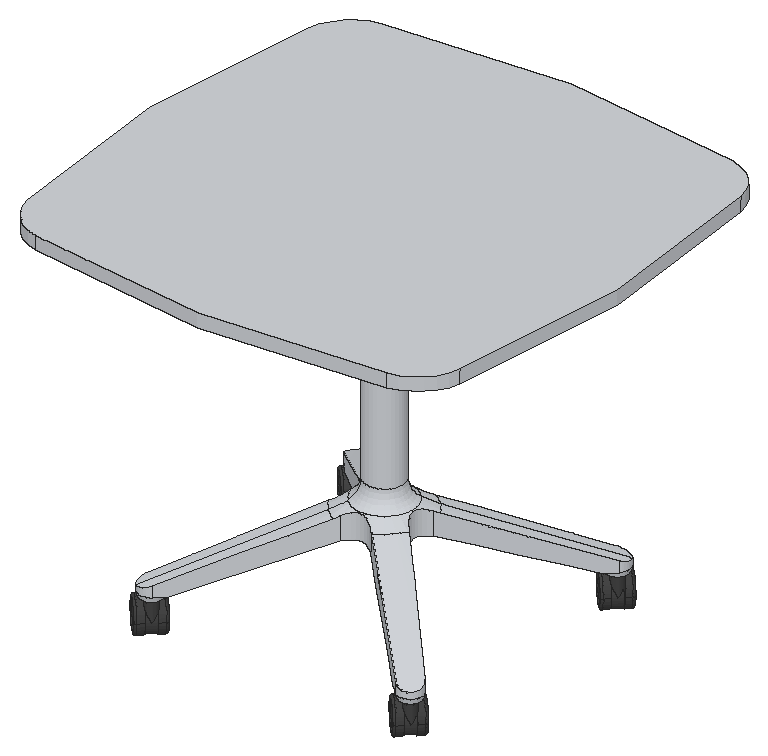
Revit family "Bernhardt_Design-Tables-Conference-Playbook_4star", category Furniture, Revit 2016
Family settings
  OmniClass Number = 23.40.20.00
  OmniClass Title = General Furniture and Specialties
  Work Plane-Based = No
  Always vertical = Yes
  Cut with Voids When Loaded = No
  Shared = No
  Room Calculation Point = No
Parameters (values of type "Playbook - 4-star mobile 36" arched square 29.5" conference height")
  height_tabletop = 28.512"
  URL = "http://www.bernhardtdesign.com"
  Tabletop finish [instance] = none
  Table type = det_tabletop : arched square 36"
  SKU = "PKS-BAA-4M"
  Casters = none
  Base type = det 01.1 : conference height - mobile base
  Base finish [instance] = none
  Model = "Playbook"  # constant formula
  Manufacturer = "Bernhardt Design"  # constant formula
  Copyright © = "Copyright © Bernhardt Design"  # constant formula
  Catalog = SKU  # "PKS-BAA-4M"
  Authoring Version = "Autodesk Revit 2016"  # constant formula
Types (21): name | height_tabletop | Table type | SKU | Base type | Catalog
  (no name) | 28.512" | det_tabletop : arched square 36" | "PKS-BAA-4M" | det 01.1 : conference height - mobile base | "PKS-BAA-4M"
  Playbook - 4-star 36" arched square 42" bar height | 41.04331" | det_tabletop : arched square 36" | "PKS-BAA-4B" | det 01.1 : bar height | "PKS-BAA-4B"
  Playbook - 4-star 36" radius square 42" bar height | 41.04331" | det_tabletop : radius square 36" | "PKS-CAA-4B" | det 01.1 : bar height | "PKS-CAA-4B"
  Playbook - 4-star 36" round 42" bar height | 41.04331" | det_tabletop : round 36" | "PKS-AAA-4B" | det 01.1 : bar height | "PKS-AAA-4B"
  Playbook - 4-star 36" square 42" bar height | 41.04331" | det_tabletop : square 36" | "PKS-DAA-4B" | det 01.1 : bar height | "PKS-DAA-4B"
  Playbook - 4-star 36" round 29.5" conference height | 28.512" | det_tabletop : round 36" | "PKS-AAA-4C" | det 01.1 : conference height | "PKS-AAA-4C"
  Playbook - 4-star 36" arched square 29.5" conference height | 28.512" | det_tabletop : arched square 36" | "PKS-BAA-4C" | det 01.1 : conference height | "PKS-BAA-4C"
  Playbook - 4-star 36" radius square 29.5" conference height | 28.512" | det_tabletop : radius square 36" | "PKS-CAA-4C" | det 01.1 : conference height | "PKS-CAA-4C"
  Playbook - 4-star 36" square 29.5" conference height | 28.512" | det_tabletop : square 36" | "PKS-DAA-4C" | det 01.1 : conference height | "PKS-DAA-4C"
  Playbook - 4-star mobile 36" round 29.5" conference height | 28.512" | det_tabletop : round 36" | "PKS-AAA-4M" | det 01.1 : conference height - mobile base | "PKS-AAA-4M"
  Playbook - 4-star mobile 36" arched square 29.5" conference height | 28.512" | det_tabletop : arched square 36" | "PKS-BAA-4M" | det 01.1 : conference height - mobile base | "PKS-BAA-4M"
  Playbook - 4-star mobile 36" radius square 29.5" conference height | 28.512" | det_tabletop : radius square 36" | "PKS-CAA-4M" | det 01.1 : conference height - mobile base | "PKS-CAA-4M"
  Playbook - 4-star mobile 36" square 29.5" conference height | 28.512" | det_tabletop : square 36" | "PKS-DAA-4M" | det 01.1 : conference height - mobile base | "PKS-DAA-4M"
  Playbook - 4-star 36" round 26" lounge height | 25.020" | det_tabletop : round 36" | "PKS-AAA-4L" | det 01.1 : lounge height | "PKS-AAA-4L"
  Playbook - 4-star 36" arched square 26" lounge height | 25.020" | det_tabletop : arched square 36" | "PKS-BAA-4L" | det 01.1 : lounge height | "PKS-BAA-4L"
  Playbook - 4-star 36" radius square 26" lounge height | 25.020" | det_tabletop : radius square 36" | "PKS-CAA-4L" | det 01.1 : lounge height | "PKS-CAA-4L"
  Playbook - 4-star 36" square 26" lounge height | 25.020" | det_tabletop : square 36" | "PKS-DAA-4L" | det 01.1 : lounge height | "PKS-DAA-4L"
  Playbook - 4-star 36" round 36" counter height | 35.020" | det_tabletop : round 36" | "PKS-AAA-4T" | det 01.1 : counter height | "PKS-AAA-4T"
  Playbook - 4-star 36" arched square 36" counter height | 35.020" | det_tabletop : arched square 36" | "PKS-BAA-4T\r\nPKS-BAA-4T\r\nPKS-BAA-4T\r\nPKS-BAA-4T\r\nPKS-BAA-4T" | det 01.1 : counter height | "PKS-BAA-4T\r\nPKS-BAA-4T\r\nPKS-BAA-4T\r\nPKS-BAA-4T\r\nPKS-BAA-4T"
  Playbook - 4-star 36" radius square 36" counter height | 35.020" | det_tabletop : radius square 36" | "PKS-CAA-4T" | det 01.1 : counter height | "PKS-CAA-4T"
  Playbook - 4-star 36" square 36" counter height | 35.020" | det_tabletop : square 36" | "PKS-DAA-4T" | det 01.1 : counter height | "PKS-DAA-4T"
Reference planes (in)
  plane 1 "Center Front/Back": y = 0
  plane 2: z = 0
  plane 3 "Center Left/Right": x = -0.00009
  plane 4: z = 28.512
Dimensions and locks (in)
  "height_tabletop": plane 4 to level
  aligned and locked: level to plane 2
  aligned and locked: nested 1 to plane 4
Nested families (in)
  nested 1: "det_tabletop" at (-0.00009, 0, -12.53131), type <- "Table type", Tabletop finish <- "Tabletop finish", type "arched square 36""
    with square_size 36.02362", round_size 42.000"
  nested 2: "det 01.1" at (-0.00009, 0, 0) x (0.7071, 0.7071, 0) z (0, 0, 1), type <- "Base type", Base finish <- "Base finish", type "conference height - mobile base"
Definition of nested family "det_tabletop"
  Parameters (values of type "square 36"")
    square_size [instance] = 36.02362"
    square = yes
    round_size [instance] = 42.000"
    round_check = no
    radius square = no
    arched square = no
    URL = ""
    Tabletop finish [instance] = none
    Model = ""
    Manufacturer = ""
  Types (4): name | square | round_check | radius square | arched square
    square 36" | yes | no | no | no
    arched square 36" | no | no | no | yes
    radius square 36" | no | no | yes | no
    round 36" | no | yes | no | no
  Reference planes (in)
    plane 1 "Center Front/Back": y = 0
    plane 2: z = 0
    plane 3 "Center Left/Right": x = 0
    plane 4: z = 41.04331
    plane 5: z = 42.04331
  Forms (in)
    Extrusion 1, solid, material <- "Tabletop finish", visible <- "square"
      sketch origin (0, 0, 0) x (0.707107, -0.707107, 0) y (0.707107, 0.707107, 0)
        loop
          line (0, 25.47255) -> (-25.47255, 0) -> (0, -25.47255) -> (25.47255, 0) -> (0, 25.47255)
      from 41.04331 to 42.04331
    Extrusion 2, solid, material <- "Tabletop finish", visible <- "round_check"
      sketch origin (23.40332, 21.82395, 0) x (0.707107, -0.707107, 0) y (0.707107, 0.707107, 0)
        loop
          circle (-1.11678, -31.98051) r 17.98772
      from 41.04331 to 42.04331
    Extrusion 3, solid, material <- "Tabletop finish", visible <- "arched square"
      sketch origin (-71.90352, 35.06969, 0) x (0.707107, -0.707107, 0) y (0.707107, 0.707107, 0)
        loop
          arc (54.26906, 28.27186) -> (53.59217, 26.04545) -> (54.26906, 23.81904) r 4
          arc (54.26906, 23.81904) -> (62.90521, 13.30918) -> (73.41507, 4.67302) r 69.83139
          arc (73.41507, 4.67302) -> (75.64149, 3.99613) -> (77.8679, 4.67302) r 4
          arc (77.8679, 4.67302) -> (88.37776, 13.30918) -> (97.01392, 23.81904) r 69.83139
          arc (97.01392, 23.81904) -> (97.6908, 26.04545) -> (97.01392, 28.27186) r 4
          arc (97.01392, 28.27186) -> (88.37776, 38.78173) -> (77.8679, 47.41789) r 69.83139
          arc (77.8679, 47.41789) -> (75.64149, 48.09477) -> (73.41507, 47.41789) r 4
          arc (73.41507, 47.41789) -> (62.90521, 38.78173) -> (54.26906, 28.27186) r 69.83139
      from 41.04331 to 42.04331
    Extrusion 4, solid, material <- "Tabletop finish", visible <- "radius square"
      sketch origin (36.08325, 41.50903, 0) x (0.707107, -0.707107, 0) y (0.707107, 0.707107, 0)
        loop
          line (1.29102, -31.93906) -> (-19.09036, -52.32044)
          arc (-19.09036, -52.32044) -> (-20.14477, -54.86602) -> (-19.09035, -57.41161) r 3.6
          line (-19.09035, -57.41161) -> (1.29103, -77.79298)
          arc (1.29103, -77.79298) -> (3.83661, -78.8474) -> (6.38219, -77.79298) r 3.6
          line (6.38219, -77.79298) -> (26.76357, -57.4116)
          arc (26.76357, -57.4116) -> (27.81798, -54.86602) -> (26.76357, -52.32043) r 3.6
          line (26.76357, -52.32043) -> (6.38219, -31.93906)
          arc (6.38219, -31.93906) -> (3.8366, -30.88464) -> (1.29102, -31.93906) r 3.6
      from 41.04331 to 42.04331
  Dimensions and locks (in)
    plane 5 to plane 4 to level = 1.000" locked, 41.04331" locked
    equal spacing: Extrusion 1, plane 1 "Center Front/Back", Extrusion 1
    equal spacing: Extrusion 1, plane 3 "Center Left/Right", Extrusion 1
    "square_size": Extrusion 1 to Extrusion 1
    aligned and locked: level to plane 2
    aligned and locked: plane 5 to Extrusion 1
    aligned and locked: Extrusion 1 to plane 4
  Automatic sketch dimensions
    Extrusion 1 sketch curve to plane 1 "Center Front/Back" = 18.01181"
    Extrusion 1 sketch curve to plane 3 "Center Left/Right" = 18.01181"
    Extrusion 1 sketch curve to Extrusion 1 sketch curve = 25.47254"  (x2)
    Extrusion 1 sketch curve to Extrusion 1 sketch curve = 25.47255"
    plane 1 "Center Front/Back" to Extrusion 2 sketch curve = 0.000"
    Extrusion 2 sketch curve to plane 3 "Center Left/Right" = 0.000"
    Extrusion 3 sketch curve to plane 1 "Center Front/Back" = 0.00001"
    Extrusion 3 sketch curve to plane 3 "Center Left/Right" = 51.81958"
    Extrusion 3 sketch curve to Extrusion 3 sketch curve = 0.000"  (x8)
    Extrusion 3 sketch curve to Extrusion 3 sketch curve = 18.59267"  (x3)
    Extrusion 3 sketch curve to Extrusion 3 sketch curve = 18.04931"  (x3)
    Extrusion 3 sketch curve to Extrusion 3 sketch curve = 18.59264"
    Extrusion 3 sketch curve to Extrusion 3 sketch curve = 18.04932"  (x3)
    Extrusion 3 sketch curve to Extrusion 3 sketch curve = 36.64197"  (x2)
    Extrusion 3 sketch curve to Extrusion 3 sketch curve = 3.32311"  (x2)
    Extrusion 4 sketch curve to plane 3 "Center Left/Right" = 14.41181"
    Extrusion 4 sketch curve to plane 1 "Center Front/Back" = 18.01181"
    Extrusion 4 sketch curve to Extrusion 4 sketch curve = 0.000"
    Extrusion 4 sketch curve to Extrusion 4 sketch curve = 2.54558"  (x12)
    Extrusion 4 sketch curve to Extrusion 4 sketch curve = 20.38138"  (x5)
    radius of Extrusion 2 sketch curve = 17.98772"
Definition of nested family "det 01.1"
  Parameters (values of type "lounge height")
    height_02 = if(Casters_on, 2.941", 0.236")  # 0.236"
    height_01 = 25.020"
    URL = ""
    Casters_on = no
    Casters_off = not(Casters_on)  # yes
    Casters = none
    Base finish [instance] = none
    Model = ""
    Manufacturer = ""
  Types (5): name | height_02 | height_01 | Casters_on | Casters_off
    bar height | 0.236" | 41.043" | no | yes
    conference height - mobile base | 2.941" | 28.512" | yes | no
    conference height | 0.236" | 28.512" | no | yes
    lounge height | 0.236" | 25.020" | no | yes
    counter height | 0.236" | 35.020" | no | yes
  Reference planes (in)
    plane 1 "Center Front/Back": y = 0
    plane 2: z = 0
    plane 3 "Center Left/Right": x = 0
    plane 4: x = -14.1286
    plane 5: x = -14.1275
    plane 6: y = 14.1275
    plane 7: y = -14.1275
    plane 8: x = 14.1275
    plane 9: z = 1.41161
    plane 10: z = 0.5993
    plane 11: z = 1.06532
    plane 12: z = 0.23622
    plane 13: x = -15.03272
    plane 14: z = 25.02
    plane 15: z = 26.02
    plane 16: z = 0.236
    plane 17: z = 0.23622
    plane 18: z = 0.23622
    plane 19: z = 0.23622
    plane 20: z = 0.23622
    plane 21: z = 0.23622
    plane 22: z = 0.23622
    plane 23: z = 0.23622
  Forms (in)
    Revolve 1, solid, material <- "Base finish"
      sketch origin (0, 0, 0) x (1, 0, 0) y (0, 0, 1)
        loop
          arc (-1.77605, 4.34256) -> (-1.1917, 4.48395) -> (-0.59237, 4.53147) r 3.80286
          line (-0.59237, 4.53147) -> (0, 4.53147) -> (0, 25.02) -> (-8.44382, 25.02) -> (-8.44382, 24.84283) -> (-7.8546, 24.84283)
          arc (-7.8546, 24.84283) -> (-7.52098, 24.80215) -> (-7.20691, 24.68249) r 1.3883
          line (-7.20691, 24.68249) -> (-1.65383, 21.7536)
          arc (-1.65383, 21.7536) -> (-1.53917, 21.7095) -> (-1.41738, 21.69338) r 0.52262
          line (-1.41738, 21.69338) -> (-1.41738, 7.53479)
          arc (-1.41738, 7.53479) -> (-1.63588, 6.7029) -> (-2.23497, 6.08574) r 1.6929
          arc (-2.23497, 6.08574) -> (-2.81049, 5.77216) -> (-3.4116, 5.51098) r 7.36539
          line (-3.4116, 5.51098) -> (-15.03272, 1.06532) -> (-15.03272, 0.5993) -> (-13.22228, 0.5993) -> (-1.77775, 4.34773)
        axis (0, 25.02) -> (0, 0.5993)
      angle from 0 to 360
    Revolve 2, solid, material <- "Base finish"
      sketch origin (0, 0, 0) x (1, 0, 0) y (0, 0, 1)
        loop
          line (-14.1275, 0.5993) -> (-15.03272, 0.5993) -> (-14.92108, 0.236) -> (-14.1275, 0.236) -> (-14.1275, 0.5993)
        axis (-14.1275, 0.5993) -> (-14.1275, 0.236)
      angle from 0 to 360
    Extrusion 3, void
      sketch origin (0, 0, 0) x (0, 1, 0) y (1, 0, 0)
        loop
          line (0.90501, -14.14703) -> (1.14996, -2.79553)
          arc (1.14996, -2.79553) -> (1.64229, -1.64229) -> (2.79553, -1.14996) r 1.68226
          line (2.79553, -1.14996) -> (14.14703, -0.90501)
          arc (14.14703, -0.90501) -> (15.03272, 0) -> (14.14703, 0.90501) r 0.90522
          line (14.14703, 0.90501) -> (2.79553, 1.14996)
          arc (2.79553, 1.14996) -> (1.64229, 1.64229) -> (1.14996, 2.79553) r 1.68226
          line (1.14996, 2.79553) -> (0.90501, 14.14703)
          arc (0.90501, 14.14703) -> (0, 15.03272) -> (-0.90501, 14.14703) r 0.90522
          line (-0.90501, 14.14703) -> (-1.14996, 2.79553)
          arc (-1.14996, 2.79553) -> (-1.64229, 1.64229) -> (-2.79553, 1.14996) r 1.68226
          line (-2.79553, 1.14996) -> (-14.14703, 0.90501)
          arc (-14.14703, 0.90501) -> (-15.03272, 0) -> (-14.14703, -0.90501) r 0.90522
          line (-14.14703, -0.90501) -> (-2.79553, -1.14996)
          arc (-2.79553, -1.14996) -> (-1.64229, -1.64229) -> (-1.14996, -2.79553) r 1.68226
          line (-1.14996, -2.79553) -> (-0.90501, -14.14703)
          arc (-0.90501, -14.14703) -> (0, -15.03272) -> (0.90501, -14.14703) r 0.90522
        loop
          circle (0, 0) r 16.5
      from 2.16694 to -16.49619
    Revolve 4, solid, material <- "Base finish"
      sketch origin (14.1275, 14.1275, 0) x (1, 0, 0) y (0, 0, 1)
        loop
          line (-14.1275, 0.5993) -> (-15.03272, 0.5993) -> (-14.92108, 0.236) -> (-14.1275, 0.236) -> (-14.1275, 0.5993)
        axis (-14.1275, 0.5993) -> (-14.1275, 0.236)
      angle from 0 to 360
    Revolve 5, solid, material <- "Base finish"
      sketch origin (14.1275, -14.1275, 0) x (1, 0, 0) y (0, 0, 1)
        loop
          line (-14.1275, 0.5993) -> (-15.03272, 0.5993) -> (-14.92108, 0.236) -> (-14.1275, 0.236) -> (-14.1275, 0.5993)
        axis (-14.1275, 0.5993) -> (-14.1275, 0.236)
      angle from 0 to 360
    Revolve 6, solid, material <- "Base finish"
      sketch origin (28.255, 0, 0) x (1, 0, 0) y (0, 0, 1)
        loop
          line (-14.1275, 0.5993) -> (-15.03272, 0.5993) -> (-14.92108, 0.236) -> (-14.1275, 0.236) -> (-14.1275, 0.5993)
        axis (-14.1275, 0.5993) -> (-14.1275, 0.236)
      angle from 0 to 360
    Revolve 7, solid, material <- "Base finish", visible <- "Casters_off"
      sketch origin (0, 0, 0) x (1, 0, 0) y (0, 0, 1)
        loop
          line (-14.1275, 0.59952) -> (-15.03272, 0.59952) -> (-14.92108, 0.23622) -> (-14.71918, 0.23622) -> (-14.71918, 0) -> (-14.1275, 0) -> (-14.1275, 0.59952)
        axis (-14.1275, 0.59952) -> (-14.1275, 0)
      angle from 0 to 360
    Revolve 8, solid, material <- "Base finish", visible <- "Casters_off"
      sketch origin (14.1275, 14.1275, 0) x (1, 0, 0) y (0, 0, 1)
        loop
          line (-14.1275, 0.59952) -> (-15.03272, 0.59952) -> (-14.92108, 0.23622) -> (-14.71918, 0.23622) -> (-14.71918, 0) -> (-14.1275, 0) -> (-14.1275, 0.59952)
        axis (-14.1275, 0.59952) -> (-14.1275, 0)
      angle from 0 to 360
    Revolve 9, solid, material <- "Base finish", visible <- "Casters_off"
      sketch origin (28.255, 0, 0) x (1, 0, 0) y (0, 0, 1)
        loop
          line (-14.1275, 0.59952) -> (-15.03272, 0.59952) -> (-14.92108, 0.23622) -> (-14.71918, 0.23622) -> (-14.71918, 0) -> (-14.1275, 0) -> (-14.1275, 0.59952)
        axis (-14.1275, 0.59952) -> (-14.1275, 0)
      angle from 0 to 360
    Revolve 10, solid, material <- "Base finish", visible <- "Casters_off"
      sketch origin (14.1275, -14.1275, 0) x (1, 0, 0) y (0, 0, 1)
        loop
          line (-14.1275, 0.59952) -> (-15.03272, 0.59952) -> (-14.92108, 0.23622) -> (-14.71918, 0.23622) -> (-14.71918, 0) -> (-14.1275, 0) -> (-14.1275, 0.59952)
        axis (-14.1275, 0.59952) -> (-14.1275, 0)
      angle from 0 to 360
  Cuts and joins
    Extrusion 3 cuts Revolve 1
  Dimensions and locks (in)
    locked: plane 15 to plane 14 at 1
    "height_01": plane 14 to level
    plane 9 to plane 11 to plane 10 to plane 16 = 0.34629" locked, 0.46602" locked, 0.3633" locked
    "height_02": plane 16 to level
    Revolve 1 sketch curve to Revolve 1 sketch curve to Revolve 1 sketch curve to plane 10 = 2.02381" locked, 4.44567" locked, 0.46602" locked
    Revolve 1 sketch curve to Revolve 1 sketch curve to plane 10 = 0.18891" locked, 3.74327" locked
    plane 14 to Revolve 1 sketch curve to Revolve 1 sketch curve to Revolve 1 sketch curve to Revolve 1 sketch curve = 0.17717" locked, 0.16034" locked, 2.92889" locked, 0.06022" locked
    aligned and locked: level to plane 2
    aligned and locked: Revolve 1 sketch curve to plane 10
    aligned and locked: plane 16 to Revolve 2 sketch curve
    aligned and locked: plane 10 to Revolve 2 sketch curve
    aligned and locked: plane 10 to Revolve 4 sketch curve
    aligned and locked: plane 16 to Revolve 4 sketch curve
    aligned and locked: plane 10 to Revolve 5 sketch curve
    aligned and locked: plane 16 to Revolve 5 sketch curve
    aligned and locked: plane 10 to Revolve 6 sketch curve
    aligned and locked: plane 16 to Revolve 6 sketch curve
  Automatic sketch dimensions
    Revolve 1 sketch curve to plane 13 = 0.000"
    Revolve 1 sketch curve to plane 14 = 0.000"
    Revolve 1 sketch curve to plane 3 "Center Left/Right" = 0.000"  (x2)
    Revolve 1 sketch curve to plane 15 = 0.000"
    plane 5 to Revolve 1 sketch curve = 0.90522"
    plane 5 to Revolve 1 sketch curve = 5.68368"
    Revolve 1 sketch curve to Revolve 1 sketch curve = 0.58922"
    Revolve 1 sketch curve to Revolve 1 sketch curve = 0.64769"
    Revolve 1 sketch curve to plane 3 "Center Left/Right" = 6.04325"
    Revolve 1 sketch curve to plane 3 "Center Left/Right" = 3.4116"
    Revolve 1 sketch curve to Revolve 1 sketch curve = 0.30132"
    Revolve 1 sketch curve to plane 3 "Center Left/Right" = 1.65383"
    Revolve 1 sketch curve to Revolve 1 sketch curve = 0.23645"
    Revolve 1 sketch curve to Revolve 1 sketch curve = 0.24364"
    plane 10 to Revolve 1 sketch curve = 0.12931"
    Revolve 1 sketch curve to plane 3 "Center Left/Right" = 0.59237"
    Revolve 1 sketch curve to Revolve 1 sketch curve = 4.8554"
    Revolve 1 sketch curve to Revolve 1 sketch curve = 0.00169"
    Revolve 1 sketch curve to level = 3.02762"
    Revolve 1 sketch curve to Revolve 1 sketch curve = 0.00517"
    Revolve 2 sketch curve to plane 13 = 0.000"
    Revolve 2 sketch curve to plane 5 = 0.000"  (x2)
    plane 13 to Revolve 2 sketch curve = 0.11164"
    Revolve 2 sketch curve to level = 1.20497"
    plane 9 to Revolve 2 sketch curve = 0.750"
    Extrusion 3 sketch curve to plane 3 "Center Left/Right" = 0.000"  (x3)
    Extrusion 3 sketch curve to plane 7 = 0.000"
    plane 1 "Center Front/Back" to Extrusion 3 sketch curve = 0.000"  (x3)
    plane 6 to Extrusion 3 sketch curve = 0.000"
    Extrusion 3 sketch curve to plane 8 = 0.000"
    Extrusion 3 sketch curve to plane 5 = 0.000"
    Extrusion 3 sketch curve to plane 7 = 0.01953"  (x2)
    plane 1 "Center Front/Back" to Extrusion 3 sketch curve = 2.83182"  (x2)
    plane 3 "Center Left/Right" to Extrusion 3 sketch curve = 1.14996"  (x2)
    Extrusion 3 sketch curve to Extrusion 3 sketch curve = 0.03629"  (x3)
    Extrusion 3 sketch curve to plane 3 "Center Left/Right" = 1.14996"  (x2)
    plane 1 "Center Front/Back" to Extrusion 3 sketch curve = 1.14996"  (x2)
    Extrusion 3 sketch curve to plane 5 = 0.01953"  (x2)
    plane 1 "Center Front/Back" to Extrusion 3 sketch curve = 0.90501"  (x2)
    Extrusion 3 sketch curve to plane 8 = 0.01953"  (x2)
    Extrusion 3 sketch curve to plane 1 "Center Front/Back" = 1.14996"  (x2)
    Extrusion 3 sketch curve to Extrusion 3 sketch curve = 1.64557"  (x2)
    Extrusion 3 sketch curve to Extrusion 3 sketch curve = 0.000"  (x2)
    Extrusion 3 sketch curve to Extrusion 3 sketch curve = 1.68187"  (x3)
    Extrusion 3 sketch curve to plane 6 = 0.01953"  (x2)
    plane 3 "Center Left/Right" to Extrusion 3 sketch curve = 0.90501"  (x2)
    Revolve 4 sketch curve to plane 3 "Center Left/Right" = 0.000"  (x2)
    Revolve 4 sketch curve to Revolve 4 sketch curve = 0.79358"
    Revolve 4 sketch curve to Revolve 4 sketch curve = 0.11164"
    Revolve 4 sketch curve to level = 1.20497"
    plane 9 to Revolve 4 sketch curve = 0.750"
    Revolve 5 sketch curve to plane 3 "Center Left/Right" = 0.000"  (x2)
    Revolve 5 sketch curve to Revolve 5 sketch curve = 0.79358"
    Revolve 5 sketch curve to Revolve 5 sketch curve = 0.11164"
    Revolve 5 sketch curve to level = 1.20497"
    plane 9 to Revolve 5 sketch curve = 0.750"
    plane 8 to Revolve 6 sketch curve = 0.000"  (x2)
    Revolve 6 sketch curve to Revolve 6 sketch curve = 0.79358"
    Revolve 6 sketch curve to Revolve 6 sketch curve = 0.11164"
    Revolve 6 sketch curve to level = 1.20497"
    plane 9 to Revolve 6 sketch curve = 0.750"
    Revolve 7 sketch curve to plane 13 = 0.000"
    Revolve 7 sketch curve to plane 20 = 0.000"
    Revolve 7 sketch curve to level = 0.000"
    Revolve 7 sketch curve to plane 5 = 0.000"  (x2)
    plane 13 to Revolve 7 sketch curve = 0.11164"
    Revolve 7 sketch curve to Revolve 7 sketch curve = 0.2019"
    plane 10 to Revolve 7 sketch curve = 0.00022"
    Revolve 7 sketch curve to Revolve 7 sketch curve = 1.20497"
    plane 9 to Revolve 7 sketch curve = 0.75022"
    Revolve 8 sketch curve to plane 21 = 0.000"
    Revolve 8 sketch curve to level = 0.000"
    Revolve 8 sketch curve to plane 3 "Center Left/Right" = 0.000"  (x2)
    Revolve 8 sketch curve to plane 3 "Center Left/Right" = 0.59168"
    Revolve 8 sketch curve to Revolve 8 sketch curve = 0.2019"
    plane 10 to Revolve 8 sketch curve = 0.00022"
    Revolve 8 sketch curve to Revolve 8 sketch curve = 0.11164"
    Revolve 8 sketch curve to Revolve 8 sketch curve = 1.20497"
    plane 9 to Revolve 8 sketch curve = 0.75022"
    Revolve 9 sketch curve to plane 22 = 0.000"
    Revolve 9 sketch curve to level = 0.000"
    plane 8 to Revolve 9 sketch curve = 0.000"  (x2)
    Revolve 9 sketch curve to Revolve 9 sketch curve = 0.59168"
    Revolve 9 sketch curve to Revolve 9 sketch curve = 0.2019"
    plane 10 to Revolve 9 sketch curve = 0.00022"
    Revolve 9 sketch curve to Revolve 9 sketch curve = 0.11164"
    Revolve 9 sketch curve to Revolve 9 sketch curve = 1.20497"
    plane 9 to Revolve 9 sketch curve = 0.75022"
    Revolve 10 sketch curve to plane 23 = 0.000"
    Revolve 10 sketch curve to level = 0.000"
    Revolve 10 sketch curve to plane 3 "Center Left/Right" = 0.000"  (x2)
    Revolve 10 sketch curve to plane 3 "Center Left/Right" = 0.59168"
    Revolve 10 sketch curve to Revolve 10 sketch curve = 0.2019"
    plane 10 to Revolve 10 sketch curve = 0.00022"
    Revolve 10 sketch curve to Revolve 10 sketch curve = 0.11164"
    Revolve 10 sketch curve to Revolve 10 sketch curve = 1.20497"
    plane 9 to Revolve 10 sketch curve = 0.75022"
    radius of Extrusion 3 sketch curve = 16.500"
  Nested families (in)
    nested 1: "det 001" at (0, 14.1275, 0), visible <- "Casters_on", type "det"
      with Caster check no
    nested 2: "det 001" at (-14.1275, 0, 0), visible <- "Casters_on", type "det"
      with Caster check no
    nested 3: "det 001" at (14.1275, 0, 0), visible <- "Casters_on", type "det"
      with Caster check no
    nested 4: "det 001" at (0, -14.1275, 0), visible <- "Casters_on", type "det"
      with Caster check no
  Definition of nested family "det 001"
    Parameters (values of type "det")
      URL = ""
      Caster check [instance] = yes
      Caster [instance] = none
      Base metal [instance] = none
      Model = ""
      Manufacturer = ""
    Reference planes (in)
      plane 1 "Center Front/Back": y = 0
      plane 2: z = 0
      plane 3 "Center Left/Right": x = 0
      plane 4: y = 2.1063
      plane 5: y = -0.45276
      plane 6: y = 0.82677
      plane 7: x = -0.4416
      plane 8: x = -1.05512
      plane 9: x = -1.30512
      plane 10: x = -0.36221
      plane 11: x = 0.4416
      plane 12: x = 1.05512
      plane 13: x = 1.30512
      plane 14: x = 0.36221
      plane 15: z = 1.27953
      plane 16: z = 2.55906
      plane 17: z = 2.67711
      plane 18: x = 0.49005
      plane 19: x = -0.49005
      plane 20: z = 3.53604
      plane 21: x = -0.25144
      plane 22: x = 0.25144
      plane 23: x = -1.01575
      plane 24: x = 1.01575
    Forms (in)
      Extrusion 1, solid, material <- "Caster"
        sketch origin (0, 0, 0) x (0, 1, 0) y (0, 0, 1)
          loop
            circle (0.82677, 1.27953) r 1.06299
        from 0.4416 to 1.01575
      Extrusion 2, solid, material <- "Caster"
        sketch origin (0, 0, 0) x (0, 1, 0) y (0, 0, 1)
          loop
            arc (1.78625, 0.43301) -> (0.82677, 2.55906) -> (-0.13271, 0.43301) r 1.27953
            line (-0.13271, 0.43301) -> (1.78625, 0.43301)
        from -0.36221 to 0.36221
      Extrusion 3, solid, material <- "Caster", visible <- "Caster check"
        sketch origin (0, 0, 0) x (0, 1, 0) y (0, 0, 1)
          loop
            arc (2.09456, 1.81742) -> (2.26719, 1.59481) -> (2.52725, 1.48653) r 0.55133
            arc (2.52725, 1.48653) -> (2.70855, 1.46659) -> (2.89065, 1.45636) r 3.41826
            line (2.89065, 1.45636) -> (2.906, 1.61337)
            arc (2.906, 1.61337) -> (2.72691, 1.62299) -> (2.54861, 1.64245) r 3.26088
            arc (2.54861, 1.64245) -> (2.36279, 1.71982) -> (2.23944, 1.87888) r 0.39395
            arc (2.23944, 1.87888) -> (1.87751, 2.39792) -> (1.33693, 2.7268) r 1.53455
            line (1.33693, 2.7268) -> (1.28461, 2.57837)
            arc (1.28461, 2.57837) -> (1.76975, 2.28322) -> (2.09456, 1.81742) r 1.37718
        from -0.49005 to 0.49005
      Extrusion 4, solid, material <- "Caster"
        sketch origin (0, 0, 0) x (1, 0, 0) y (0, 1, 0)
          loop
            circle (0, 0) r 0.45276
        from 1.27953 to 2.68234
      Extrusion 5, solid, material <- "Caster"
        sketch origin (0, 0, 0) x (1, 0, 0) y (0, 1, 0)
          loop
            line (0.25591, 0.14775) -> (0, 0.29549) -> (-0.25591, 0.14775) -> (-0.25591, -0.14775) -> (0, -0.29549) -> (0.25591, -0.14775) -> (0.25591, 0.14775)
        from 2.67711 to 3.53604
      Extrusion 6, solid, material <- "Caster", visible <- "Caster check"
        sketch origin (0, 0, 0) x (0, 1, 0) y (0, 0, 1)
          loop
            arc (2.09456, 1.81742) -> (2.20364, 1.25063) -> (2.07088, 0.68892) r 1.37718
            line (2.07088, 0.68892) -> (1.21918, 0.68892) -> (1.21918, 0.25585) -> (2.50322, 0.25585)
            arc (2.50322, 0.25585) -> (2.66706, 0.32372) -> (2.73493, 0.48756) r 0.23172
            line (2.73493, 0.48756) -> (2.73493, 1.29621)
            arc (2.73493, 1.29621) -> (2.78028, 1.4079) -> (2.89065, 1.45636) r 0.16021
            arc (2.89065, 1.45636) -> (2.70855, 1.46659) -> (2.52725, 1.48653) r 3.41826
            arc (2.52725, 1.48653) -> (2.26719, 1.59481) -> (2.09456, 1.81742) r 0.55133
        from -0.25591 to 0.25144
      Sweep 7, solid, material <- "Caster"
        path origin (0, 0, 0) x (0, 1, 0) y (0, 0, 1)
          loop
            circle (0.82677, 1.27953) r 1.28082
        profile origin (0, 2.10759, 1.27953) x (0, -1, 0) y (1, 0, 0)
          loop
            line (0.00129, 0.4416) -> (0.2572, 0.4416) -> (0.2572, 1.01575) -> (0.21782, 1.05512) -> (0.15718, 1.05512)
            arc (0.15718, 1.05512) -> (0.04695, 1.00946) -> (0.00129, 0.89923) r 0.15589
            line (0.00129, 0.89923) -> (0.00129, 0.4416)
      Sweep 8, solid, material <- "Caster"
        path origin (0, 0, 0) x (0, 1, 0) y (0, 0, -1)
          loop
            circle (0.82677, -1.27953) r 1.28082
        profile origin (0, 2.10759, 1.27953) x (0, 1, 0) y (-1, 0, 0)
          loop
            line (-0.00129, 0.4416) -> (-0.00129, 0.89923)
            arc (-0.00129, 0.89923) -> (-0.04695, 1.00946) -> (-0.15718, 1.05512) r 0.15589
            line (-0.15718, 1.05512) -> (-0.21782, 1.05512) -> (-0.2572, 1.01575) -> (-0.2572, 0.4416) -> (-0.00129, 0.4416)
      Extrusion 9, solid, material <- "Caster"
        sketch origin (0, 0, 0) x (0, 1, 0) y (0, 0, -1)
          loop
            circle (0.82677, -1.27953) r 1.06299
        from 0.4416 to 1.01575
    Cuts and joins
      joined: Extrusion 2, Extrusion 4
      joined: Extrusion 1, Sweep 7
      joined: Extrusion 3, Extrusion 6
      joined: Sweep 8, Extrusion 9
    Dimensions and locks (in)
      equal spacing: plane 4, plane 6, plane 5
      aligned and locked: level to plane 2
    Automatic sketch dimensions
      Extrusion 1 sketch curve to plane 6 = 0.000"
      plane 15 to Extrusion 1 sketch curve = 0.000"
      Extrusion 2 sketch curve to plane 6 = 0.000"
      plane 15 to Extrusion 2 sketch curve = 0.000"
      plane 1 "Center Front/Back" to Extrusion 2 sketch curve = 0.13271"
      level to Extrusion 2 sketch curve = 0.43301"
      Extrusion 3 sketch curve to Extrusion 3 sketch curve = 0.000"  (x8)
      Extrusion 3 sketch curve to plane 6 = 0.000"
      plane 15 to Extrusion 3 sketch curve = 0.000"
      Extrusion 3 sketch curve to plane 16 = 0.01932"
      plane 6 to Extrusion 3 sketch curve = 0.45784"
      Extrusion 3 sketch curve to plane 17 = 0.04969"
      Extrusion 3 sketch curve to Extrusion 3 sketch curve = 0.05232"
      plane 4 to Extrusion 3 sketch curve = 0.4958"
      Extrusion 3 sketch curve to plane 15 = 0.17683"
      Extrusion 3 sketch curve to Extrusion 3 sketch curve = 0.28855"
      Extrusion 3 sketch curve to plane 15 = 0.33384"
      Extrusion 3 sketch curve to Extrusion 3 sketch curve = 0.01534"
      plane 4 to Extrusion 3 sketch curve = 0.88504"
      Extrusion 3 sketch curve to Extrusion 3 sketch curve = 0.41938"
      plane 20 to Extrusion 3 sketch curve = 1.33709"
      Extrusion 3 sketch curve to plane 4 = 0.01174"
      plane 1 "Center Front/Back" to Extrusion 4 sketch curve = 0.000"
      Extrusion 4 sketch curve to plane 3 "Center Left/Right" = 0.000"
      Extrusion 6 sketch curve to plane 6 = 0.000"
      plane 15 to Extrusion 6 sketch curve = 0.000"
      plane 6 to Extrusion 6 sketch curve = 0.39241"
      plane 4 to Extrusion 6 sketch curve = 0.39692"
      plane 4 to Extrusion 6 sketch curve = 0.4958"
      Extrusion 6 sketch curve to Extrusion 6 sketch curve = 0.23172"
      Extrusion 6 sketch curve to plane 15 = 0.01669"
      Extrusion 6 sketch curve to Extrusion 6 sketch curve = 0.16021"
      plane 4 to Extrusion 6 sketch curve = 0.88504"
      plane 15 to Extrusion 6 sketch curve = 0.59061"
      Extrusion 6 sketch curve to Extrusion 6 sketch curve = 0.20136"
      plane 16 to Extrusion 6 sketch curve = 0.5263"
      plane 20 to Extrusion 6 sketch curve = 1.33709"
      Extrusion 6 sketch curve to plane 4 = 0.03542"
      Extrusion 6 sketch curve to Extrusion 6 sketch curve = 0.000"  (x3)
      Extrusion 6 sketch curve to plane 4 = 0.01174"
      Extrusion 6 sketch curve to Extrusion 6 sketch curve = 0.20769"
      Sweep 7 sketch curve to plane 6 = 0.000"
      plane 15 to Sweep 7 sketch curve = 0.000"
      Sweep 7 sketch curve to profile plane = 0.00129"
      Sweep 7 sketch curve to Sweep 7 sketch curve = 0.15589"
      Sweep 7 sketch curve to Sweep 7 sketch curve = 0.06064"
      Sweep 7 sketch curve to Sweep 7 sketch curve = 0.25591"
      plane 3 "Center Left/Right" to Sweep 7 sketch curve = 0.4416"
      Sweep 7 sketch curve to Sweep 7 sketch curve = 0.45763"
      Sweep 7 sketch curve to Sweep 7 sketch curve = 0.03937"
      Sweep 8 sketch curve to plane 6 = 0.000"
      plane 15 to Sweep 8 sketch curve = 0.000"
      profile plane to Sweep 8 sketch curve = 0.2572"
      Sweep 8 sketch curve to Sweep 8 sketch curve = 0.03937"  (x2)
      Sweep 8 sketch curve to Sweep 8 sketch curve = 0.10002"
      profile plane to Sweep 8 sketch curve = 0.00129"
      profile plane to Sweep 8 sketch curve = 0.4416"
      Sweep 8 sketch curve to Sweep 8 sketch curve = 0.45763"
      Extrusion 9 sketch curve to plane 6 = 0.000"
      plane 15 to Extrusion 9 sketch curve = 0.000"
      radius of Extrusion 1 sketch curve = 1.06299"
      radius of Extrusion 4 sketch curve = 0.45276"
      radius of Sweep 7 sketch curve = 1.28082"
      radius of Sweep 8 sketch curve = 1.28082"
      radius of Extrusion 9 sketch curve = 1.06299"
